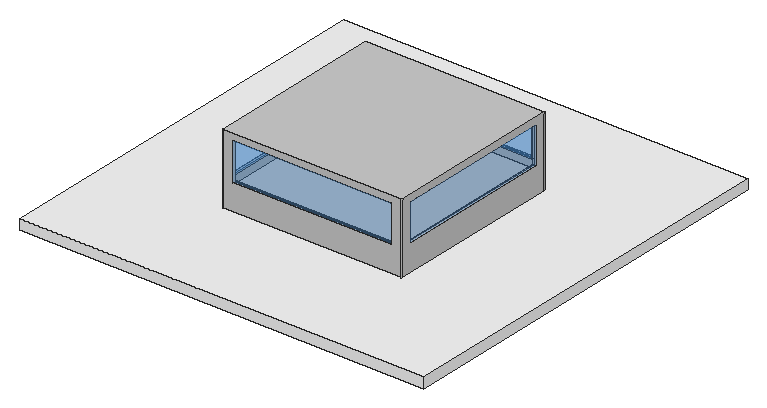
Revit family "BE_24085_de_DE", category Leuchten, Revit 2020
Family settings
  Basisbauteil = Fläche
  Bemaßung runder Anschluss = Durchmesser verwenden
  Teiletyp = Normal
  Beim Laden mit Abzugskörper schneiden = Ja
  Lichtquelle = Ja
  Gemeinsam genutzt = Nein
  Raumberechnungspunkt = Ja
Parameters (values of type "BEGA_24085_Grafit_K3")
  built-in parameter 1150104 = 13.564 (stored number, unit not read)
  Wattage = 20 W
  Default Elevation = 0 mm
  built-in parameter 1150113 = 1 (stored number, unit not read)
  built-in parameter 1114218 = 1 (stored number, unit not read)
  Umgebungstemperatur = "25 °C"
  URL = "https://www.bega.com/de/produkt/24085"
  Typenkommentare = "© 2022 BEGA. Wir behalten uns das Recht vor, technische Änderungen ohne vorherige Ankündigung vorzunehmen."  # constant formula
  Type Image = 24085.png
  built-in parameter 1150134 = (empty or 0)
  built-in parameter 1150109 = 1 (stored number, unit not read)
  Strom = ""
  built-in parameter 1150110 = 1 (stored number, unit not read)
  Spannung = 239.996 V
  Sonderanfertigung = no
  Seriennummer [instance] = "Hier können Sie die eindeutige Seriennummer für das Facility Management eintragen."
  Schutzklasse = "I"
  Schutzart = "IP 65"
  Scheinlast = 0 VA
  Produktdatenblatt = "https://cdn.bega.com/bega/products/24085AK3/current/documents/data-sheets/de"
  Oberflächentemperatur = ""
  Neigungswinkel = 0.00°
  Modell = "24085K3"
  Material_17 = BEGA_Reflektor
  Material_15 = BEGA_Leuchtmedium_matt
  Material_11 = BEGA_Glas_opal
  Material_10 = BEGA_Glas_matt
  Material_09 = BEGA_Glas_klar
  Material_06 = BEGA_Oberfläche_Edelstahl_gebürstet
  Material_03 = BEGA_Oberfläche_Weiss_matt
  Material_02 = BEGA_Oberfläche_Silber_matt
  Material_01 [instance] = BEGA_Oberfläche_Grafit_matt
  M_W = no
  M_G = yes
  M_A = no
  Logo = 0
  built-in parameter 1114217 = 1 (stored number, unit not read)
  built-in parameter 1150139 = (empty or 0)
  built-in parameter 1150105 = 232.37 (stored number, unit not read)
  built-in parameter 1150114 = 1 (stored number, unit not read)
  Lumens = 2920 lm
  built-in parameter 1150115 = 1 (stored number, unit not read)
  Leuchtenlichtstrom = "816 lm"
  Leuchtenanzahl = ""
  Lebensdauerkriterien = "L70B50 @ 25 °C = 200000 h"
  Lastklassifizierung = Beleuchtung
  built-in parameter 1150112 = 1 (stored number, unit not read)
  Lampenlichtstrom = "2920 lm"
  Lampe = "LED 20 W"
  LED_Modulbezeichnung = "4x LED-0887/830"
  built-in parameter 1150142 = (empty or 0)
  Hersteller = "BEGA"  # constant formula
  Halbstreuwinkel = ""
  Gewicht = "1.9 kg"
  Gebrauchslageneinschränkung [instance] = ""
  Frequenz = "0/50-60 Hz"
  Farbwiedergabeindex = "CRI > 80"
  Farbtemperaturverschiebung bei Dämpfen der Lampe = <Keine Auswahl>
  Farbtemperatur = "3000 K"
  Color Filter = 16777215
  built-in parameter 1150133 = 10 (stored number, unit not read)
  Energieeffizienzklasse = "LED A++ - A"
  built-in parameter 1150137 = (empty or 0)
  built-in parameter 1150132 = (empty or 0)
  ENEC = "ja"
  Dimmbar [instance] = "DALI"
  Datei für fotometrisches Netz = "BE_24085K3.IES"
  CE_Konformität = "ja"
  Bestellnummer = "24085K3"
  Beschreibung_Sonderanfertigung = "Hier können Sie Informationen zur Sonderanfertigung eintragen."
  Beschreibung = "Wandleuchte"
  built-in parameter 1150106 = 2.3237 (stored number, unit not read)
  Befestigungsbohrung = "Ø 4,5 mm"
  Befestigungsabstand = "86 x 86 mm"
  Ballwurfsicher = ""
  BEGA_Intern_aus = yes
  BEGA_Intern_an = yes
  BEGA_Intern_Konstruktion = yes
  BEGA_Intern = yes
  BEGA_IES = yes
  BEGA_Dummy = no
  Anschlussleitung = ""
  Anschlussleistung [instance] = "23 W"
  built-in parameter 1150107 = 3000 (stored number, unit not read)
  built-in parameter 1150102 = (empty or 0)
  built-in parameter 1150138 = (empty or 0)
  Aktualisierung = "2022-05-18T04:00:07"
  Abstand_zur_angestrahlten_Fläche [instance] = ""
  AC/DC = "AC/DC"
Types (6, lengths in mm): name | built-in parameter 1150104 | built-in parameter 1150134 | Modell | M_W | M_G | M_A | built-in parameter 1150105 | Lumens | Leuchtenlichtstrom | Lampenlichtstrom | LED_Modulbezeichnung | Farbtemperatur | Datei für fotometrisches Netz | Bestellnummer | built-in parameter 1150106 | built-in parameter 1150107
  BEGA_24085_Weiß_K4 | 14.4 (stored number, unit not read) | 12 | "24085WK4" | yes | no | no | 246.69 (stored number, unit not read) | 3100 lm | "866 lm" | "3100 lm" | "4x LED-0887/840" | "4000 K" | "BE_24085K4.IES" | "24085WK4" | 2.4669 (stored number, unit not read) | 4000 (stored number, unit not read)
  BEGA_24085_Weiß_K3 | 13.564 (stored number, unit not read) | (empty or 0) | "24085WK3" | yes | no | no | 232.37 (stored number, unit not read) | 2920 lm | "816 lm" | "2920 lm" | "4x LED-0887/830" | "3000 K" | "BE_24085K3.IES" | "24085WK3" | 2.3237 (stored number, unit not read) | 3000 (stored number, unit not read)
  BEGA_24085_Grafit_K3 | 13.564 (stored number, unit not read) | (empty or 0) | "24085K3" | no | yes | no | 232.37 (stored number, unit not read) | 2920 lm | "816 lm" | "2920 lm" | "4x LED-0887/830" | "3000 K" | "BE_24085K3.IES" | "24085K3" | 2.3237 (stored number, unit not read) | 3000 (stored number, unit not read)
  BEGA_24085_Silber_K4 | 14.4 (stored number, unit not read) | 12 | "24085AK4" | no | no | yes | 246.69 (stored number, unit not read) | 3100 lm | "866 lm" | "3100 lm" | "4x LED-0887/840" | "4000 K" | "BE_24085K4.IES" | "24085AK4" | 2.4669 (stored number, unit not read) | 4000 (stored number, unit not read)
  BEGA_24085_Grafit_K4 | 14.4 (stored number, unit not read) | 12 | "24085K4" | no | yes | no | 246.69 (stored number, unit not read) | 3100 lm | "866 lm" | "3100 lm" | "4x LED-0887/840" | "4000 K" | "BE_24085K4.IES" | "24085K4" | 2.4669 (stored number, unit not read) | 4000 (stored number, unit not read)
  BEGA_24085_Silber_K3 | 13.564 (stored number, unit not read) | (empty or 0) | "24085AK3" | no | no | yes | 232.37 (stored number, unit not read) | 2920 lm | "816 lm" | "2920 lm" | "4x LED-0887/830" | "3000 K" | "BE_24085K3.IES" | "24085AK3" | 2.3237 (stored number, unit not read) | 3000 (stored number, unit not read)
Reference planes
  plane 1 "Mitte (Vorne/Hinten)": y = 0
  plane 2: z = 0
  plane 3 "Mitte (Links/Rechts)": x = 0
  plane 4 "Links": x = -88.5
  plane 5 "Rechts": x = 88.5
  plane 6 "Unten": y = -88.5
  plane 7 "Oben": y = 88.5
  plane 8 "Vorne": z = 69.195
  plane 9 "Hinten": z = 0
Forms (mm)
  Extrusion 1, solid, material "BEGA_Platte_Weiss"
    sketch origin (0, -1119.2, 0) x (1, 0, 0) y (0, 1, 0)
      loop
        line (-200, 1319.2) -> (-200, 919.2) -> (200, 919.2) -> (200, 1319.2) -> (-200, 1319.2)
    from 0 to -10
  Extrusion 2, solid, material "BEGA_Dummy_matt", visible <- "BEGA_Dummy"
    sketch origin (80.095, -76.023, 0) x (1, 0, 0) y (0, 1, 0)
      loop
        line (-168.595, 164.523) -> (-168.595, -12.477) -> (8.405, -12.477) -> (8.405, 164.523) -> (-168.595, 164.523)
    from 0 to 69.195
Dimensions and locks
  plane 1 "Mitte (Vorne/Hinten)" to Extrusion 1 = 200 mm
  aligned and locked: plane 2 to Extrusion 1
  aligned and locked: level to Extrusion 1
Nested families
  nested 1: "BE_24085" at (0, 0, 0), type "BE_24085"
Connectors
  electrical at (0, 0, 0), driven by "Lastklassifizierung", driven by "Spannung", driven by "Scheinlast"
    settings: index 1, voltage 239.996 V, apparent load 0 VA, apparent load phase1 0 VA, apparent load phase2 0 VA, apparent load phase3 0 VA, power factor 1, load classification "Beleuchtung", number of poles 1, system type 31, power factor state 1, is connector primary yes, connector utility no, sub classification motor no, connector description ""
Definition of nested family "BE_24085"
  Parameters (values of type "BE_24085")
    Default Elevation = 1 mm
    URL = "http://www.bega.de/de/produkt"
    Type Comments = "© 2015 BEGA. Wir behalten uns das Recht vor, technische Änderungen ohne vorherige Ankündigung vorzunehmen. "  # constant formula
    Type Image = (empty or 0)
    Neigungswinkel_um_Z2 = 0.00°
    Neigungswinkel_um_Z1 = 0.00°
    Neigungswinkel_um_Y2 = 0.00°
    Neigungswinkel_um_Y1 = 0.00°
    Neigungswinkel_um_X2 = 0.00°
    Neigungswinkel_um_X1 = 0.00°
    Material_17 = none
    Material_15 = none
    Material_11 = none
    Material_10 = none
    Material_09 = none
    Material_06 = none
    Material_03 = none
    Material_02 = none
    Material_01 = none
    M_W = yes
    M_G = yes
    M_A = yes
    Länge_Platte = 200 mm  # constant formula
    Höhe_Platte = -10 mm  # constant formula
    Manufacturer = "BEGA"  # constant formula
    Drehwinkel_um_Z2 = 0.00°
    Drehwinkel_um_Z1 = 0.00°
    Breite_Platte = 200 mm  # constant formula
  Reference planes
    plane 1 "Mitte (Oben/Unten)": y = 0
    plane 2: z = 0
    plane 3 "Mitte (Links/Rechts)": x = 0
    plane 4 "Vorne": z = 69.195
    plane 5 "Hinten": z = 0
    plane 6 "Links": x = -88.5
    plane 7 "Rechts": x = 88.5
    plane 8 "Oben": y = 88.5
    plane 9 "Unten": y = -88.5
  Forms (mm)
    Extrusion 1, solid, detail levels medium
      sketch origin (0, 0, 0) x (1, 0, 0) y (0, 1, 0)
        loop
          line (-100, 100) -> (-100, -100) -> (100, -100) -> (100, 100) -> (-100, 100)
      from 0 to -10 <- "Höhe_Platte"
    Extrusion 2, solid, material <- "Material_01", visible <- "M_G"
      sketch origin (0, 0, 0) x (1, 0, 0) y (0, 1, 0)
        loop
          arc (-87.5, 88.5) -> (-88.207, 88.207) -> (-88.5, 87.5) r 1
          line (-88.5, 87.5) -> (-88.5, -87.5)
          arc (-88.5, -87.5) -> (-88.207, -88.207) -> (-87.5, -88.5) r 1
          line (-87.5, -88.5) -> (87.5, -88.5)
          arc (87.5, -88.5) -> (88.207, -88.207) -> (88.5, -87.5) r 1
          line (88.5, -87.5) -> (88.5, 87.5)
          arc (88.5, 87.5) -> (88.207, 88.207) -> (87.5, 88.5) r 1
          line (87.5, 88.5) -> (-87.5, 88.5)
        loop
          line (-86.109, 86.109) -> (-86.109, -86.109) -> (86.109, -86.109) -> (86.109, 86.109) -> (-86.109, 86.109)
      from 0 to 69.195
    Extrusion 3, void
      sketch origin (0, 0, 0) x (0, 1, 0) y (0, 0, 1)
        loop
          line (-84.297, 63.248) -> (-88.996, 63.248) -> (-88.996, 25.444) -> (-84.235, 25.444) -> (-84.297, 63.248)
      from -78.703 to 78.703
    Extrusion 4, solid, material <- "Material_01", visible <- "M_G"
      sketch origin (0, 0, 0) x (1, 0, 0) y (0, 1, 0)
        loop
          line (-87.5, -88.5) -> (87.5, -88.5)
          arc (87.5, -88.5) -> (88.207, -88.207) -> (88.5, -87.5) r 1
          line (88.5, -87.5) -> (88.5, 87.5)
          arc (88.5, 87.5) -> (88.207, 88.207) -> (87.5, 88.5) r 1
          line (87.5, 88.5) -> (-87.5, 88.5)
          arc (-87.5, 88.5) -> (-88.207, 88.207) -> (-88.5, 87.5) r 1
          line (-88.5, 87.5) -> (-88.5, -87.5)
          arc (-88.5, -87.5) -> (-88.207, -88.207) -> (-87.5, -88.5) r 1
      from 66.335 to 69.195
    Extrusion 5, void
      sketch origin (0, 0, 0) x (1, 0, 0) y (0, 0, -1)
        loop
          line (-84.297, -63.248) -> (-84.235, -25.444) -> (-88.996, -25.444) -> (-88.996, -63.248) -> (-84.297, -63.248)
      from -78.703 to 78.703
    Extrusion 6, void
      sketch origin (0, 0, 0) x (0, -1, 0) y (0, 0, -1)
        loop
          line (-84.297, -63.248) -> (-84.235, -25.444) -> (-88.996, -25.444) -> (-88.996, -63.248) -> (-84.297, -63.248)
      from -78.703 to 78.703
    Extrusion 7, void
      sketch origin (0, 0, 0) x (-1, 0, 0) y (0, 0, 1)
        loop
          line (-84.297, 63.248) -> (-88.996, 63.248) -> (-88.996, 25.444) -> (-84.235, 25.444) -> (-84.297, 63.248)
      from -78.703 to 78.703
    Extrusion 8, solid, material <- "Material_10"
      sketch origin (0, 0, 0) x (-1, 0, 0) y (0, 0, 1)
        loop
          line (-84.394, 63.255) -> (-88.404, 63.249) -> (-88.341, 25.444) -> (-84.331, 25.451) -> (-84.394, 63.255)
      from -78.703 to 78.703
    Extrusion 9, solid, material <- "Material_10"
      sketch origin (0, 0, 0) x (0, -1, 0) y (0, 0, -1)
        loop
          line (-84.394, -63.255) -> (-84.331, -25.451) -> (-88.341, -25.444) -> (-88.404, -63.249) -> (-84.394, -63.255)
      from -78.703 to 78.703
    Extrusion 10, solid, material <- "Material_10"
      sketch origin (0, 0, 0) x (1, 0, 0) y (0, 0, -1)
        loop
          line (-84.394, -63.255) -> (-84.331, -25.451) -> (-88.341, -25.444) -> (-88.404, -63.249) -> (-84.394, -63.255)
      from -78.703 to 78.703
    Extrusion 11, solid, material <- "Material_10"
      sketch origin (0, 0, 0) x (0, 1, 0) y (0, 0, 1)
        loop
          line (-84.394, 63.255) -> (-88.404, 63.249) -> (-88.341, 25.444) -> (-84.331, 25.451) -> (-84.394, 63.255)
      from -78.703 to 78.703
    Revolve 12, solid, material <- "Material_01", visible <- "M_G"
      sketch origin (0, 0, 0) x (0, 1, 0) y (0, 0, 1)
        loop
          line (-48.009, 11.916) -> (0, 11.995) -> (0, 14.695) -> (-55.513, 14.603) -> (-55.324, 10.381) -> (-51.019, 2.954) -> (-50.905, 0) -> (-48.405, 0) -> (-48.009, 11.916)
        axis (0, 0) -> (0, 14.695)
      angle from 0 to 360
    Extrusion 13, solid, material <- "Material_01", visible <- "M_G"
      sketch origin (0, 0, 0) x (1, 0, 0) y (0, 1, 0)
        loop
          line (86.109, 86.109) -> (-86.109, 86.109) -> (-86.109, -86.109) -> (86.109, -86.109) -> (86.109, 86.109)
      from 11.916 to 17.229
    Extrusion 14, void
      sketch origin (0, 0, 0) x (1, 0, 0) y (0, 1, 0)
        loop
          circle (-28, 15) r 10.5
        loop
          circle (-28, -15) r 10.5
      from 0 to 25.444
    Extrusion 15, solid, material <- "Material_02", visible <- "M_A"
      sketch origin (0, 0, 0) x (1, 0, 0) y (0, 1, 0)
        loop
          arc (-87.5, 88.5) -> (-88.207, 88.207) -> (-88.5, 87.5) r 1
          line (-88.5, 87.5) -> (-88.5, -87.5)
          arc (-88.5, -87.5) -> (-88.207, -88.207) -> (-87.5, -88.5) r 1
          line (-87.5, -88.5) -> (87.5, -88.5)
          arc (87.5, -88.5) -> (88.207, -88.207) -> (88.5, -87.5) r 1
          line (88.5, -87.5) -> (88.5, 87.5)
          arc (88.5, 87.5) -> (88.207, 88.207) -> (87.5, 88.5) r 1
          line (87.5, 88.5) -> (-87.5, 88.5)
        loop
          line (-86.109, 86.109) -> (-86.109, -86.109) -> (86.109, -86.109) -> (86.109, 86.109) -> (-86.109, 86.109)
      from 0 to 69.195
    Extrusion 16, solid, material <- "Material_02", visible <- "M_A"
      sketch origin (0, 0, 0) x (1, 0, 0) y (0, 1, 0)
        loop
          line (-87.5, -88.5) -> (87.5, -88.5)
          arc (87.5, -88.5) -> (88.207, -88.207) -> (88.5, -87.5) r 1
          line (88.5, -87.5) -> (88.5, 87.5)
          arc (88.5, 87.5) -> (88.207, 88.207) -> (87.5, 88.5) r 1
          line (87.5, 88.5) -> (-87.5, 88.5)
          arc (-87.5, 88.5) -> (-88.207, 88.207) -> (-88.5, 87.5) r 1
          line (-88.5, 87.5) -> (-88.5, -87.5)
          arc (-88.5, -87.5) -> (-88.207, -88.207) -> (-87.5, -88.5) r 1
      from 66.335 to 69.195
    Extrusion 17, solid, material <- "Material_03", visible <- "M_W"
      sketch origin (0, 0, 0) x (1, 0, 0) y (0, 1, 0)
        loop
          arc (-87.5, 88.5) -> (-88.207, 88.207) -> (-88.5, 87.5) r 1
          line (-88.5, 87.5) -> (-88.5, -87.5)
          arc (-88.5, -87.5) -> (-88.207, -88.207) -> (-87.5, -88.5) r 1
          line (-87.5, -88.5) -> (87.5, -88.5)
          arc (87.5, -88.5) -> (88.207, -88.207) -> (88.5, -87.5) r 1
          line (88.5, -87.5) -> (88.5, 87.5)
          arc (88.5, 87.5) -> (88.207, 88.207) -> (87.5, 88.5) r 1
          line (87.5, 88.5) -> (-87.5, 88.5)
        loop
          line (-86.109, 86.109) -> (-86.109, -86.109) -> (86.109, -86.109) -> (86.109, 86.109) -> (-86.109, 86.109)
      from 0 to 69.195
    Extrusion 18, solid, material <- "Material_03", visible <- "M_W"
      sketch origin (0, 0, 0) x (1, 0, 0) y (0, 1, 0)
        loop
          line (-87.5, -88.5) -> (87.5, -88.5)
          arc (87.5, -88.5) -> (88.207, -88.207) -> (88.5, -87.5) r 1
          line (88.5, -87.5) -> (88.5, 87.5)
          arc (88.5, 87.5) -> (88.207, 88.207) -> (87.5, 88.5) r 1
          line (87.5, 88.5) -> (-87.5, 88.5)
          arc (-87.5, 88.5) -> (-88.207, 88.207) -> (-88.5, 87.5) r 1
          line (-88.5, 87.5) -> (-88.5, -87.5)
          arc (-88.5, -87.5) -> (-88.207, -88.207) -> (-87.5, -88.5) r 1
      from 66.335 to 69.195
    Revolve 19, solid, material <- "Material_02", visible <- "M_A"
      sketch origin (0, 0, 0) x (0, 1, 0) y (0, 0, 1)
        loop
          line (-48.009, 11.916) -> (0, 11.995) -> (0, 14.695) -> (-55.513, 14.603) -> (-55.324, 10.381) -> (-51.019, 2.954) -> (-50.905, 0) -> (-48.405, 0) -> (-48.009, 11.916)
        axis (0, 0) -> (0, 14.695)
      angle from 0 to 360
    Extrusion 20, solid, material <- "Material_02", visible <- "M_A"
      sketch origin (0, 0, 0) x (1, 0, 0) y (0, 1, 0)
        loop
          line (86.109, 86.109) -> (-86.109, 86.109) -> (-86.109, -86.109) -> (86.109, -86.109) -> (86.109, 86.109)
      from 11.916 to 17.229
    Revolve 21, solid, material <- "Material_03", visible <- "M_W"
      sketch origin (0, 0, 0) x (0, 1, 0) y (0, 0, 1)
        loop
          line (-48.009, 11.916) -> (0, 11.995) -> (0, 14.695) -> (-55.513, 14.603) -> (-55.324, 10.381) -> (-51.019, 2.954) -> (-50.905, 0) -> (-48.405, 0) -> (-48.009, 11.916)
        axis (0, 0) -> (0, 14.695)
      angle from 0 to 360
    Extrusion 22, solid, material <- "Material_03", visible <- "M_W"
      sketch origin (0, 0, 0) x (1, 0, 0) y (0, 1, 0)
        loop
          line (86.109, 86.109) -> (-86.109, 86.109) -> (-86.109, -86.109) -> (86.109, -86.109) -> (86.109, 86.109)
      from 11.916 to 17.229
    Extrusion 23, solid, material <- "Material_01", visible <- "M_G"
      sketch origin (0, 0, 0) x (1, 0, 0) y (0, 1, 0)
        loop
          line (-50.85, 42.239) -> (-41.482, 28.859)
          arc (-41.482, 28.859) -> (-35.623, 35.658) -> (-28.702, 41.371) r 52.999
          line (-28.702, 41.371) -> (-42.239, 50.85)
          arc (-42.239, 50.85) -> (-46.743, 46.743) -> (-50.85, 42.239) r 66.105
        loop
          arc (-46.349, 43.038) -> (-46.223, 39.862) -> (-43.047, 39.982) r 2.25
          arc (-43.047, 39.982) -> (-41.543, 41.543) -> (-39.982, 43.047) r 58.75
          arc (-39.982, 43.047) -> (-39.862, 46.223) -> (-43.039, 46.349) r 2.25
          arc (-43.039, 46.349) -> (-44.725, 44.724) -> (-46.349, 43.038) r 63.25
        loop
          arc (50.85, 42.239) -> (46.743, 46.743) -> (42.239, 50.85) r 66.105
          line (42.239, 50.85) -> (28.515, 41.241)
          arc (28.515, 41.241) -> (35.402, 35.387) -> (41.195, 28.449) r 52.999
          line (41.195, 28.449) -> (50.85, 42.239)
        loop
          arc (46.349, 43.038) -> (44.725, 44.724) -> (43.039, 46.349) r 63.25
          arc (43.039, 46.349) -> (39.862, 46.223) -> (39.982, 43.047) r 2.25
          arc (39.982, 43.047) -> (41.543, 41.543) -> (43.047, 39.982) r 58.75
          arc (43.047, 39.982) -> (46.223, 39.862) -> (46.349, 43.038) r 2.25
        loop
          arc (-50.85, -42.239) -> (-46.743, -46.743) -> (-42.239, -50.85) r 66.105
          line (-42.239, -50.85) -> (-28.224, -41.037)
          arc (-28.224, -41.037) -> (-35.218, -35.245) -> (-41.121, -28.344) r 52.999
          line (-41.121, -28.344) -> (-50.85, -42.239)
        loop
          arc (-46.349, -43.038) -> (-44.725, -44.724) -> (-43.039, -46.349) r 63.25
          arc (-43.039, -46.349) -> (-39.862, -46.223) -> (-39.982, -43.047) r 2.25
          arc (-39.982, -43.047) -> (-41.543, -41.543) -> (-43.047, -39.982) r 58.75
          arc (-43.047, -39.982) -> (-46.223, -39.862) -> (-46.349, -43.038) r 2.25
        loop
          line (50.85, -42.239) -> (41.214, -28.477)
          arc (41.214, -28.477) -> (35.373, -35.38) -> (28.443, -41.19) r 52.999
          line (28.443, -41.19) -> (42.239, -50.85)
          arc (42.239, -50.85) -> (46.743, -46.743) -> (50.85, -42.239) r 66.105
        loop
          arc (46.349, -43.038) -> (46.223, -39.862) -> (43.047, -39.982) r 2.25
          arc (43.047, -39.982) -> (41.543, -41.543) -> (39.982, -43.047) r 58.75
          arc (39.982, -43.047) -> (39.862, -46.223) -> (43.039, -46.349) r 2.25
          arc (43.039, -46.349) -> (44.725, -44.724) -> (46.349, -43.038) r 63.25
      from 0 to 2.954
    Extrusion 24, solid, material <- "Material_03", visible <- "M_W"
      sketch origin (0, 0, 0) x (1, 0, 0) y (0, 1, 0)
        loop
          line (-50.85, 42.239) -> (-41.482, 28.859)
          arc (-41.482, 28.859) -> (-35.623, 35.658) -> (-28.702, 41.371) r 52.999
          line (-28.702, 41.371) -> (-42.239, 50.85)
          arc (-42.239, 50.85) -> (-46.743, 46.743) -> (-50.85, 42.239) r 66.105
        loop
          arc (-46.349, 43.038) -> (-46.223, 39.862) -> (-43.047, 39.982) r 2.25
          arc (-43.047, 39.982) -> (-41.543, 41.543) -> (-39.982, 43.047) r 58.75
          arc (-39.982, 43.047) -> (-39.862, 46.223) -> (-43.039, 46.349) r 2.25
          arc (-43.039, 46.349) -> (-44.725, 44.724) -> (-46.349, 43.038) r 63.25
        loop
          arc (50.85, 42.239) -> (46.743, 46.743) -> (42.239, 50.85) r 66.105
          line (42.239, 50.85) -> (28.515, 41.241)
          arc (28.515, 41.241) -> (35.402, 35.387) -> (41.195, 28.449) r 52.999
          line (41.195, 28.449) -> (50.85, 42.239)
        loop
          arc (46.349, 43.038) -> (44.725, 44.724) -> (43.039, 46.349) r 63.25
          arc (43.039, 46.349) -> (39.862, 46.223) -> (39.982, 43.047) r 2.25
          arc (39.982, 43.047) -> (41.543, 41.543) -> (43.047, 39.982) r 58.75
          arc (43.047, 39.982) -> (46.223, 39.862) -> (46.349, 43.038) r 2.25
        loop
          arc (-50.85, -42.239) -> (-46.743, -46.743) -> (-42.239, -50.85) r 66.105
          line (-42.239, -50.85) -> (-28.224, -41.037)
          arc (-28.224, -41.037) -> (-35.218, -35.245) -> (-41.121, -28.344) r 52.999
          line (-41.121, -28.344) -> (-50.85, -42.239)
        loop
          arc (-46.349, -43.038) -> (-44.725, -44.724) -> (-43.039, -46.349) r 63.25
          arc (-43.039, -46.349) -> (-39.862, -46.223) -> (-39.982, -43.047) r 2.25
          arc (-39.982, -43.047) -> (-41.543, -41.543) -> (-43.047, -39.982) r 58.75
          arc (-43.047, -39.982) -> (-46.223, -39.862) -> (-46.349, -43.038) r 2.25
        loop
          line (50.85, -42.239) -> (41.214, -28.477)
          arc (41.214, -28.477) -> (35.373, -35.38) -> (28.443, -41.19) r 52.999
          line (28.443, -41.19) -> (42.239, -50.85)
          arc (42.239, -50.85) -> (46.743, -46.743) -> (50.85, -42.239) r 66.105
        loop
          arc (46.349, -43.038) -> (46.223, -39.862) -> (43.047, -39.982) r 2.25
          arc (43.047, -39.982) -> (41.543, -41.543) -> (39.982, -43.047) r 58.75
          arc (39.982, -43.047) -> (39.862, -46.223) -> (43.039, -46.349) r 2.25
          arc (43.039, -46.349) -> (44.725, -44.724) -> (46.349, -43.038) r 63.25
      from 0 to 2.954
    Extrusion 25, solid, material <- "Material_02", visible <- "M_A"
      sketch origin (0, 0, 0) x (1, 0, 0) y (0, 1, 0)
        loop
          line (-50.85, 42.239) -> (-41.482, 28.859)
          arc (-41.482, 28.859) -> (-35.623, 35.658) -> (-28.702, 41.371) r 52.999
          line (-28.702, 41.371) -> (-42.239, 50.85)
          arc (-42.239, 50.85) -> (-46.743, 46.743) -> (-50.85, 42.239) r 66.105
        loop
          arc (-46.349, 43.038) -> (-46.223, 39.862) -> (-43.047, 39.982) r 2.25
          arc (-43.047, 39.982) -> (-41.543, 41.543) -> (-39.982, 43.047) r 58.75
          arc (-39.982, 43.047) -> (-39.862, 46.223) -> (-43.039, 46.349) r 2.25
          arc (-43.039, 46.349) -> (-44.725, 44.724) -> (-46.349, 43.038) r 63.25
        loop
          arc (50.85, 42.239) -> (46.743, 46.743) -> (42.239, 50.85) r 66.105
          line (42.239, 50.85) -> (28.515, 41.241)
          arc (28.515, 41.241) -> (35.402, 35.387) -> (41.195, 28.449) r 52.999
          line (41.195, 28.449) -> (50.85, 42.239)
        loop
          arc (46.349, 43.038) -> (44.725, 44.724) -> (43.039, 46.349) r 63.25
          arc (43.039, 46.349) -> (39.862, 46.223) -> (39.982, 43.047) r 2.25
          arc (39.982, 43.047) -> (41.543, 41.543) -> (43.047, 39.982) r 58.75
          arc (43.047, 39.982) -> (46.223, 39.862) -> (46.349, 43.038) r 2.25
        loop
          arc (-50.85, -42.239) -> (-46.743, -46.743) -> (-42.239, -50.85) r 66.105
          line (-42.239, -50.85) -> (-28.224, -41.037)
          arc (-28.224, -41.037) -> (-35.218, -35.245) -> (-41.121, -28.344) r 52.999
          line (-41.121, -28.344) -> (-50.85, -42.239)
        loop
          arc (-46.349, -43.038) -> (-44.725, -44.724) -> (-43.039, -46.349) r 63.25
          arc (-43.039, -46.349) -> (-39.862, -46.223) -> (-39.982, -43.047) r 2.25
          arc (-39.982, -43.047) -> (-41.543, -41.543) -> (-43.047, -39.982) r 58.75
          arc (-43.047, -39.982) -> (-46.223, -39.862) -> (-46.349, -43.038) r 2.25
        loop
          line (50.85, -42.239) -> (41.214, -28.477)
          arc (41.214, -28.477) -> (35.373, -35.38) -> (28.443, -41.19) r 52.999
          line (28.443, -41.19) -> (42.239, -50.85)
          arc (42.239, -50.85) -> (46.743, -46.743) -> (50.85, -42.239) r 66.105
        loop
          arc (46.349, -43.038) -> (46.223, -39.862) -> (43.047, -39.982) r 2.25
          arc (43.047, -39.982) -> (41.543, -41.543) -> (39.982, -43.047) r 58.75
          arc (39.982, -43.047) -> (39.862, -46.223) -> (43.039, -46.349) r 2.25
          arc (43.039, -46.349) -> (44.725, -44.724) -> (46.349, -43.038) r 63.25
      from 0 to 2.954
  Cuts and joins
    Extrusion 3, Extrusion 5, Extrusion 6, Extrusion 7, Extrusion 14 cuts Extrusion 2
    Extrusion 5, Extrusion 6, Extrusion 7, Extrusion 14 cuts Extrusion 4
    joined: Extrusion 2, Extrusion 4
    Extrusion 14 cuts Revolve 12
    Extrusion 14 cuts Extrusion 13
    joined: Revolve 12, Extrusion 13, Extrusion 23
    Extrusion 3, Extrusion 5, Extrusion 6, Extrusion 7 cuts Extrusion 15
    joined: Extrusion 15, Extrusion 16
    Extrusion 3, Extrusion 5, Extrusion 6, Extrusion 7 cuts Extrusion 17
    Extrusion 5 cuts Extrusion 18
    joined: Extrusion 17, Extrusion 18
    Extrusion 14 cuts Revolve 19
    Extrusion 14 cuts Extrusion 20
    joined: Revolve 19, Extrusion 20, Extrusion 25
    Extrusion 14 cuts Revolve 21
    Extrusion 14 cuts Extrusion 22
    joined: Revolve 21, Extrusion 22, Extrusion 24
  Dimensions and locks
    equal spacing: Extrusion 1 sketch curve, plane 3 "Mitte (Links/Rechts)", Extrusion 1 sketch curve
    equal spacing: Extrusion 1 sketch curve, plane 1 "Mitte (Oben/Unten)", Extrusion 1 sketch curve
    "Länge_Platte": Extrusion 1 sketch curve to Extrusion 1 sketch curve
    "Breite_Platte": Extrusion 1 sketch curve to Extrusion 1 sketch curve
    aligned and locked: Extrusion 1 to plane 2
    aligned and locked: level to Extrusion 1
  Automatic sketch dimensions
    Extrusion 2 sketch curve to plane 3 "Mitte (Links/Rechts)" = 88.5 mm
    Extrusion 2 sketch curve to Extrusion 2 sketch curve = 1 mm  (x3)
    Extrusion 2 sketch curve to Extrusion 2 sketch curve = 1.391 mm  (x5)
    plane 3 "Mitte (Links/Rechts)" to Extrusion 2 sketch curve = 86.109 mm
    plane 1 "Mitte (Oben/Unten)" to Extrusion 2 sketch curve = 88.5 mm
    Extrusion 2 sketch curve to plane 1 "Mitte (Oben/Unten)" = 86.109 mm
    level to Extrusion 3 sketch curve = 25.444 mm
    plane 1 "Mitte (Oben/Unten)" to Extrusion 3 sketch curve = 88.996 mm
    Extrusion 3 sketch curve to Extrusion 3 sketch curve = 4.699 mm
    Extrusion 3 sketch curve to Extrusion 3 sketch curve = 4.761 mm
    Extrusion 3 sketch curve to Extrusion 3 sketch curve = 37.805 mm
    Extrusion 4 sketch curve to plane 3 "Mitte (Links/Rechts)" = 88.5 mm
    Extrusion 4 sketch curve to Extrusion 4 sketch curve = 1 mm  (x3)
    plane 3 "Mitte (Links/Rechts)" to Extrusion 4 sketch curve = 87.5 mm  (x2)
    plane 1 "Mitte (Oben/Unten)" to Extrusion 4 sketch curve = 88.5 mm
    Extrusion 4 sketch curve to plane 1 "Mitte (Oben/Unten)" = 87.5 mm
    level to Extrusion 5 sketch curve = 25.444 mm
    Extrusion 5 sketch curve to plane 3 "Mitte (Links/Rechts)" = 88.996 mm
    Extrusion 5 sketch curve to Extrusion 5 sketch curve = 4.699 mm
    Extrusion 5 sketch curve to Extrusion 5 sketch curve = 4.761 mm
    Extrusion 5 sketch curve to Extrusion 5 sketch curve = 37.805 mm
    Extrusion 6 sketch curve to level = 25.444 mm
    plane 1 "Mitte (Oben/Unten)" to Extrusion 6 sketch curve = 88.996 mm
    Extrusion 6 sketch curve to Extrusion 6 sketch curve = 4.699 mm
    Extrusion 6 sketch curve to Extrusion 6 sketch curve = 4.761 mm
    Extrusion 6 sketch curve to Extrusion 6 sketch curve = 37.805 mm
    level to Extrusion 7 sketch curve = 25.444 mm
    plane 3 "Mitte (Links/Rechts)" to Extrusion 7 sketch curve = 88.996 mm
    Extrusion 7 sketch curve to Extrusion 7 sketch curve = 4.699 mm
    Extrusion 7 sketch curve to Extrusion 7 sketch curve = 4.761 mm
    Extrusion 7 sketch curve to Extrusion 7 sketch curve = 37.805 mm
    plane 3 "Mitte (Links/Rechts)" to Extrusion 8 sketch curve = 88.404 mm
    level to Extrusion 8 sketch curve = 25.444 mm
    Extrusion 8 sketch curve to Extrusion 8 sketch curve = 0.063 mm
    Extrusion 8 sketch curve to Extrusion 8 sketch curve = 4.01 mm
    Extrusion 8 sketch curve to Extrusion 8 sketch curve = 0.007 mm
    plane 1 "Mitte (Oben/Unten)" to Extrusion 9 sketch curve = 88.404 mm
    Extrusion 9 sketch curve to level = 25.444 mm
    Extrusion 9 sketch curve to Extrusion 9 sketch curve = 0.063 mm
    Extrusion 9 sketch curve to Extrusion 9 sketch curve = 4.01 mm
    Extrusion 9 sketch curve to Extrusion 9 sketch curve = 0.007 mm
    Extrusion 10 sketch curve to plane 3 "Mitte (Links/Rechts)" = 88.404 mm
    level to Extrusion 10 sketch curve = 25.444 mm
    Extrusion 10 sketch curve to Extrusion 10 sketch curve = 0.063 mm
    Extrusion 10 sketch curve to Extrusion 10 sketch curve = 4.01 mm
    Extrusion 10 sketch curve to Extrusion 10 sketch curve = 0.007 mm
    plane 1 "Mitte (Oben/Unten)" to Extrusion 11 sketch curve = 88.404 mm
    level to Extrusion 11 sketch curve = 25.444 mm
    Extrusion 11 sketch curve to Extrusion 11 sketch curve = 0.063 mm
    Extrusion 11 sketch curve to Extrusion 11 sketch curve = 4.01 mm
    Extrusion 11 sketch curve to Extrusion 11 sketch curve = 0.007 mm
    level to Revolve 12 sketch curve = 10.381 mm
    Revolve 12 sketch curve to Revolve 12 sketch curve = 0.19 mm
    level to Revolve 12 sketch curve = 2.954 mm
    Revolve 12 sketch curve to Revolve 12 sketch curve = 4.304 mm
    level to Revolve 12 sketch curve = 0 mm
    Revolve 12 sketch curve to Revolve 12 sketch curve = 2.614 mm
    Revolve 12 sketch curve to Revolve 12 sketch curve = 0.396 mm
    level to Revolve 12 sketch curve = 11.916 mm
    Revolve 12 sketch curve to Revolve 12 sketch curve = 0.114 mm
    Revolve 12 sketch curve to plane 1 "Mitte (Oben/Unten)" = 0 mm
    Revolve 12 sketch curve to Revolve 12 sketch curve = 48.009 mm
    level to Revolve 12 sketch curve = 11.995 mm
    Revolve 12 sketch curve to Revolve 12 sketch curve = 4.222 mm
    Revolve 12 sketch curve to Revolve 12 sketch curve = 2.7 mm
    Extrusion 13 sketch curve to plane 3 "Mitte (Links/Rechts)" = 86.109 mm
    Extrusion 13 sketch curve to plane 1 "Mitte (Oben/Unten)" = 86.109 mm
    plane 3 "Mitte (Links/Rechts)" to Extrusion 13 sketch curve = 86.109 mm
    plane 1 "Mitte (Oben/Unten)" to Extrusion 13 sketch curve = 86.109 mm
    Extrusion 14 sketch curve to plane 3 "Mitte (Links/Rechts)" = 28 mm  (x2)
    plane 1 "Mitte (Oben/Unten)" to Extrusion 14 sketch curve = 15 mm
    Extrusion 14 sketch curve to plane 1 "Mitte (Oben/Unten)" = 15 mm
    Extrusion 15 sketch curve to plane 3 "Mitte (Links/Rechts)" = 88.5 mm
    Extrusion 15 sketch curve to Extrusion 15 sketch curve = 1 mm  (x3)
    Extrusion 15 sketch curve to Extrusion 15 sketch curve = 1.391 mm  (x5)
    plane 3 "Mitte (Links/Rechts)" to Extrusion 15 sketch curve = 86.109 mm
    plane 1 "Mitte (Oben/Unten)" to Extrusion 15 sketch curve = 88.5 mm
    Extrusion 15 sketch curve to plane 1 "Mitte (Oben/Unten)" = 86.109 mm
    Extrusion 16 sketch curve to plane 3 "Mitte (Links/Rechts)" = 88.5 mm
    Extrusion 16 sketch curve to Extrusion 16 sketch curve = 1 mm  (x3)
    plane 3 "Mitte (Links/Rechts)" to Extrusion 16 sketch curve = 87.5 mm  (x2)
    plane 1 "Mitte (Oben/Unten)" to Extrusion 16 sketch curve = 88.5 mm
    Extrusion 16 sketch curve to plane 1 "Mitte (Oben/Unten)" = 87.5 mm
    Extrusion 17 sketch curve to plane 3 "Mitte (Links/Rechts)" = 88.5 mm
    Extrusion 17 sketch curve to Extrusion 17 sketch curve = 1 mm  (x3)
    Extrusion 17 sketch curve to Extrusion 17 sketch curve = 1.391 mm  (x5)
    plane 3 "Mitte (Links/Rechts)" to Extrusion 17 sketch curve = 86.109 mm
    plane 1 "Mitte (Oben/Unten)" to Extrusion 17 sketch curve = 88.5 mm
    Extrusion 17 sketch curve to plane 1 "Mitte (Oben/Unten)" = 86.109 mm
    Extrusion 18 sketch curve to plane 3 "Mitte (Links/Rechts)" = 88.5 mm
    Extrusion 18 sketch curve to Extrusion 18 sketch curve = 1 mm  (x3)
    plane 3 "Mitte (Links/Rechts)" to Extrusion 18 sketch curve = 87.5 mm  (x2)
    plane 1 "Mitte (Oben/Unten)" to Extrusion 18 sketch curve = 88.5 mm
    Extrusion 18 sketch curve to plane 1 "Mitte (Oben/Unten)" = 87.5 mm
    Revolve 19 sketch curve to level = 0 mm
    Revolve 19 sketch curve to plane 1 "Mitte (Oben/Unten)" = 0 mm  (x2)
    level to Revolve 19 sketch curve = 11.916 mm
    plane 1 "Mitte (Oben/Unten)" to Revolve 19 sketch curve = 48.009 mm
    Revolve 19 sketch curve to Revolve 19 sketch curve = 0.396 mm
    Revolve 19 sketch curve to Revolve 19 sketch curve = 2.5 mm
    level to Revolve 19 sketch curve = 2.954 mm
    Revolve 19 sketch curve to Revolve 19 sketch curve = 0.114 mm
    level to Revolve 19 sketch curve = 10.381 mm
    Revolve 19 sketch curve to Revolve 19 sketch curve = 7.315 mm
    level to Revolve 19 sketch curve = 14.603 mm
    Revolve 19 sketch curve to Revolve 19 sketch curve = 0.19 mm
    level to Revolve 19 sketch curve = 11.995 mm
    Revolve 19 sketch curve to Revolve 19 sketch curve = 2.7 mm
    Revolve 19 sketch curve to plane 5 "Hinten" = 145.232 mm
    plane 4 "Vorne" to Revolve 19 sketch curve = 165.063 mm
    Extrusion 20 sketch curve to plane 3 "Mitte (Links/Rechts)" = 86.109 mm
    plane 3 "Mitte (Links/Rechts)" to Extrusion 20 sketch curve = 86.109 mm
    plane 1 "Mitte (Oben/Unten)" to Extrusion 20 sketch curve = 86.109 mm
    Extrusion 20 sketch curve to plane 1 "Mitte (Oben/Unten)" = 86.109 mm
    Revolve 21 sketch curve to level = 0 mm
    Revolve 21 sketch curve to plane 1 "Mitte (Oben/Unten)" = 0 mm  (x2)
    level to Revolve 21 sketch curve = 11.916 mm
    plane 1 "Mitte (Oben/Unten)" to Revolve 21 sketch curve = 48.009 mm
    Revolve 21 sketch curve to Revolve 21 sketch curve = 0.396 mm
    Revolve 21 sketch curve to Revolve 21 sketch curve = 2.5 mm
    level to Revolve 21 sketch curve = 2.954 mm
    Revolve 21 sketch curve to Revolve 21 sketch curve = 0.114 mm
    level to Revolve 21 sketch curve = 10.381 mm
    Revolve 21 sketch curve to Revolve 21 sketch curve = 7.315 mm
    level to Revolve 21 sketch curve = 14.603 mm
    Revolve 21 sketch curve to Revolve 21 sketch curve = 0.19 mm
    level to Revolve 21 sketch curve = 11.995 mm
    Revolve 21 sketch curve to Revolve 21 sketch curve = 2.7 mm
    Revolve 21 sketch curve to plane 5 "Hinten" = 145.232 mm
    plane 4 "Vorne" to Revolve 21 sketch curve = 165.063 mm
    Extrusion 22 sketch curve to plane 3 "Mitte (Links/Rechts)" = 86.109 mm
    plane 3 "Mitte (Links/Rechts)" to Extrusion 22 sketch curve = 86.109 mm
    plane 1 "Mitte (Oben/Unten)" to Extrusion 22 sketch curve = 86.109 mm
    Extrusion 22 sketch curve to plane 1 "Mitte (Oben/Unten)" = 86.109 mm
    Extrusion 23 sketch curve to Extrusion 23 sketch curve = 0 mm  (x69)
    plane 1 "Mitte (Oben/Unten)" to Extrusion 23 sketch curve = 0 mm  (x3)
    Extrusion 23 sketch curve to plane 3 "Mitte (Links/Rechts)" = 0 mm  (x3)
    Extrusion 23 sketch curve to plane 1 "Mitte (Oben/Unten)" = 0 mm  (x2)
    Extrusion 23 sketch curve to plane 3 "Mitte (Links/Rechts)" = 2.018 mm
    Extrusion 23 sketch curve to plane 3 "Mitte (Links/Rechts)" = 2.238 mm
    Extrusion 23 sketch curve to plane 3 "Mitte (Links/Rechts)" = 28.224 mm
    Extrusion 23 sketch curve to plane 3 "Mitte (Links/Rechts)" = 28.702 mm
    Extrusion 23 sketch curve to Extrusion 23 sketch curve = 12.898 mm
    Extrusion 23 sketch curve to Extrusion 23 sketch curve = 12.78 mm
    Extrusion 23 sketch curve to Extrusion 23 sketch curve = 12.812 mm
    Extrusion 23 sketch curve to Extrusion 23 sketch curve = 13.29 mm
    Extrusion 23 sketch curve to Extrusion 23 sketch curve = 0.725 mm  (x8)
    Extrusion 23 sketch curve to Extrusion 23 sketch curve = 3.182 mm  (x8)
    Extrusion 23 sketch curve to Extrusion 23 sketch curve = 6.155 mm  (x4)
    plane 3 "Mitte (Links/Rechts)" to Extrusion 23 sketch curve = 0 mm
    plane 3 "Mitte (Links/Rechts)" to Extrusion 23 sketch curve = 1.455 mm
    plane 3 "Mitte (Links/Rechts)" to Extrusion 23 sketch curve = 1.956 mm
    plane 3 "Mitte (Links/Rechts)" to Extrusion 23 sketch curve = 28.443 mm
    plane 3 "Mitte (Links/Rechts)" to Extrusion 23 sketch curve = 28.515 mm
    Extrusion 23 sketch curve to Extrusion 23 sketch curve = 12.68 mm
    Extrusion 23 sketch curve to Extrusion 23 sketch curve = 12.771 mm
    Extrusion 23 sketch curve to Extrusion 23 sketch curve = 12.998 mm
    Extrusion 23 sketch curve to Extrusion 23 sketch curve = 13.071 mm
    Extrusion 23 sketch curve to plane 1 "Mitte (Oben/Unten)" = 42.239 mm
    plane 1 "Mitte (Oben/Unten)" to Extrusion 23 sketch curve = 1.924 mm
    plane 1 "Mitte (Oben/Unten)" to Extrusion 23 sketch curve = 2.212 mm
    plane 1 "Mitte (Oben/Unten)" to Extrusion 23 sketch curve = 28.344 mm
    plane 1 "Mitte (Oben/Unten)" to Extrusion 23 sketch curve = 28.477 mm
    Extrusion 23 sketch curve to Extrusion 23 sketch curve = 12.692 mm
    Extrusion 23 sketch curve to Extrusion 23 sketch curve = 12.713 mm
    Extrusion 23 sketch curve to Extrusion 23 sketch curve = 13.169 mm
    Extrusion 23 sketch curve to Extrusion 23 sketch curve = 13.036 mm
    Extrusion 23 sketch curve to Extrusion 23 sketch curve = 13.79 mm
    Extrusion 23 sketch curve to plane 1 "Mitte (Oben/Unten)" = 28.859 mm
    Extrusion 23 sketch curve to Extrusion 23 sketch curve = 12.654 mm
    Extrusion 23 sketch curve to Extrusion 23 sketch curve = 1.531 mm  (x8)
    Extrusion 23 sketch curve to Extrusion 23 sketch curve = 1.525 mm  (x4)
    Extrusion 23 sketch curve to Extrusion 23 sketch curve = 1.649 mm  (x4)
    Extrusion 23 sketch curve to Extrusion 23 sketch curve = 1.654 mm  (x4)
    Extrusion 24 sketch curve to Extrusion 24 sketch curve = 0 mm  (x69)
    plane 1 "Mitte (Oben/Unten)" to Extrusion 24 sketch curve = 0 mm  (x3)
    Extrusion 24 sketch curve to plane 3 "Mitte (Links/Rechts)" = 0 mm  (x3)
    Extrusion 24 sketch curve to plane 1 "Mitte (Oben/Unten)" = 0 mm  (x2)
    Extrusion 24 sketch curve to plane 3 "Mitte (Links/Rechts)" = 2.018 mm
    Extrusion 24 sketch curve to plane 3 "Mitte (Links/Rechts)" = 2.238 mm
    Extrusion 24 sketch curve to plane 3 "Mitte (Links/Rechts)" = 28.224 mm
    Extrusion 24 sketch curve to plane 3 "Mitte (Links/Rechts)" = 28.702 mm
    Extrusion 24 sketch curve to Extrusion 24 sketch curve = 12.898 mm
    Extrusion 24 sketch curve to Extrusion 24 sketch curve = 12.78 mm
    Extrusion 24 sketch curve to Extrusion 24 sketch curve = 12.812 mm
    Extrusion 24 sketch curve to Extrusion 24 sketch curve = 13.29 mm
    Extrusion 24 sketch curve to Extrusion 24 sketch curve = 0.725 mm  (x8)
    Extrusion 24 sketch curve to Extrusion 24 sketch curve = 3.182 mm  (x8)
    Extrusion 24 sketch curve to Extrusion 24 sketch curve = 6.155 mm  (x4)
    plane 3 "Mitte (Links/Rechts)" to Extrusion 24 sketch curve = 0 mm
    plane 3 "Mitte (Links/Rechts)" to Extrusion 24 sketch curve = 1.455 mm
    plane 3 "Mitte (Links/Rechts)" to Extrusion 24 sketch curve = 1.956 mm
    plane 3 "Mitte (Links/Rechts)" to Extrusion 24 sketch curve = 28.443 mm
    plane 3 "Mitte (Links/Rechts)" to Extrusion 24 sketch curve = 28.515 mm
    Extrusion 24 sketch curve to Extrusion 24 sketch curve = 12.68 mm
    Extrusion 24 sketch curve to Extrusion 24 sketch curve = 12.771 mm
    Extrusion 24 sketch curve to Extrusion 24 sketch curve = 12.998 mm
    Extrusion 24 sketch curve to Extrusion 24 sketch curve = 13.071 mm
    Extrusion 24 sketch curve to plane 1 "Mitte (Oben/Unten)" = 42.239 mm
    plane 1 "Mitte (Oben/Unten)" to Extrusion 24 sketch curve = 1.924 mm
    plane 1 "Mitte (Oben/Unten)" to Extrusion 24 sketch curve = 2.212 mm
    plane 1 "Mitte (Oben/Unten)" to Extrusion 24 sketch curve = 28.344 mm
    plane 1 "Mitte (Oben/Unten)" to Extrusion 24 sketch curve = 28.477 mm
    Extrusion 24 sketch curve to Extrusion 24 sketch curve = 12.692 mm
    Extrusion 24 sketch curve to Extrusion 24 sketch curve = 12.713 mm
    Extrusion 24 sketch curve to Extrusion 24 sketch curve = 13.169 mm
    Extrusion 24 sketch curve to Extrusion 24 sketch curve = 13.036 mm
    Extrusion 24 sketch curve to Extrusion 24 sketch curve = 13.79 mm
    Extrusion 24 sketch curve to plane 1 "Mitte (Oben/Unten)" = 28.859 mm
    Extrusion 24 sketch curve to Extrusion 24 sketch curve = 12.654 mm
    Extrusion 24 sketch curve to Extrusion 24 sketch curve = 1.531 mm  (x8)
    Extrusion 24 sketch curve to Extrusion 24 sketch curve = 1.525 mm  (x4)
    Extrusion 24 sketch curve to Extrusion 24 sketch curve = 1.649 mm  (x4)
    Extrusion 24 sketch curve to Extrusion 24 sketch curve = 1.654 mm  (x4)
    Extrusion 25 sketch curve to Extrusion 25 sketch curve = 0 mm  (x69)
    plane 1 "Mitte (Oben/Unten)" to Extrusion 25 sketch curve = 0 mm  (x3)
    Extrusion 25 sketch curve to plane 3 "Mitte (Links/Rechts)" = 0 mm  (x3)
    Extrusion 25 sketch curve to plane 1 "Mitte (Oben/Unten)" = 0 mm  (x2)
    Extrusion 25 sketch curve to plane 3 "Mitte (Links/Rechts)" = 2.018 mm
    Extrusion 25 sketch curve to plane 3 "Mitte (Links/Rechts)" = 2.238 mm
    Extrusion 25 sketch curve to plane 3 "Mitte (Links/Rechts)" = 28.224 mm
    Extrusion 25 sketch curve to plane 3 "Mitte (Links/Rechts)" = 28.702 mm
    Extrusion 25 sketch curve to Extrusion 25 sketch curve = 12.898 mm
    Extrusion 25 sketch curve to Extrusion 25 sketch curve = 12.78 mm
    Extrusion 25 sketch curve to Extrusion 25 sketch curve = 12.812 mm
    Extrusion 25 sketch curve to Extrusion 25 sketch curve = 13.29 mm
    Extrusion 25 sketch curve to Extrusion 25 sketch curve = 0.725 mm  (x8)
    Extrusion 25 sketch curve to Extrusion 25 sketch curve = 3.182 mm  (x8)
    Extrusion 25 sketch curve to Extrusion 25 sketch curve = 6.155 mm  (x4)
    plane 3 "Mitte (Links/Rechts)" to Extrusion 25 sketch curve = 0 mm
    plane 3 "Mitte (Links/Rechts)" to Extrusion 25 sketch curve = 1.455 mm
    plane 3 "Mitte (Links/Rechts)" to Extrusion 25 sketch curve = 1.956 mm
    plane 3 "Mitte (Links/Rechts)" to Extrusion 25 sketch curve = 28.443 mm
    plane 3 "Mitte (Links/Rechts)" to Extrusion 25 sketch curve = 28.515 mm
    Extrusion 25 sketch curve to Extrusion 25 sketch curve = 12.68 mm
    Extrusion 25 sketch curve to Extrusion 25 sketch curve = 12.771 mm
    Extrusion 25 sketch curve to Extrusion 25 sketch curve = 12.998 mm
    Extrusion 25 sketch curve to Extrusion 25 sketch curve = 13.071 mm
    Extrusion 25 sketch curve to plane 1 "Mitte (Oben/Unten)" = 42.239 mm
    plane 1 "Mitte (Oben/Unten)" to Extrusion 25 sketch curve = 1.924 mm
    plane 1 "Mitte (Oben/Unten)" to Extrusion 25 sketch curve = 2.212 mm
    plane 1 "Mitte (Oben/Unten)" to Extrusion 25 sketch curve = 28.344 mm
    plane 1 "Mitte (Oben/Unten)" to Extrusion 25 sketch curve = 28.477 mm
    Extrusion 25 sketch curve to Extrusion 25 sketch curve = 12.692 mm
    Extrusion 25 sketch curve to Extrusion 25 sketch curve = 12.713 mm
    Extrusion 25 sketch curve to Extrusion 25 sketch curve = 13.169 mm
    Extrusion 25 sketch curve to Extrusion 25 sketch curve = 13.036 mm
    Extrusion 25 sketch curve to Extrusion 25 sketch curve = 13.79 mm
    Extrusion 25 sketch curve to plane 1 "Mitte (Oben/Unten)" = 28.859 mm
    Extrusion 25 sketch curve to Extrusion 25 sketch curve = 12.654 mm
    Extrusion 25 sketch curve to Extrusion 25 sketch curve = 1.531 mm  (x8)
    Extrusion 25 sketch curve to Extrusion 25 sketch curve = 1.525 mm  (x4)
    Extrusion 25 sketch curve to Extrusion 25 sketch curve = 1.649 mm  (x4)
    Extrusion 25 sketch curve to Extrusion 25 sketch curve = 1.654 mm  (x4)
    radius of Extrusion 14 sketch curve = 10.5 mm  (x2)
